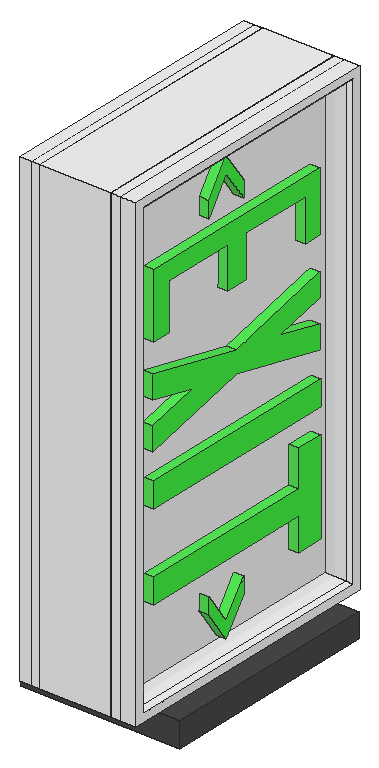
Revit family "LED_End", category Lighting Fixtures, host Face, Revit 2014
Parameters (values of type "LED-2-G")
  zz Length 1 [instance] = if(Single Face, 0.200", 0.250")  # 0.200"
  Watts = 3.72 W
  Wattage Comments = "3.72 W"
  Warranty = "Fixture: 5 Years Full; Battery: 2 Years Full, 8 Years Pro-Rata"  # constant formula
  Wall Plate Material = Hubbell - Black
  Voltage [instance] = if(Is 120VAC, 120 V, 277 V)  # 120 V
  URL = "https://www.hubbell.com/dual-lite/en"
  Type Comments = "Exit Light"  # constant formula
  Single Face = yes
  Product Page URL = "https://www.hubbell.com/dual-lite/en/Products/Lighting-Controls/Emergency-Exit-Lighting/Exit-Message-Signs/Freedom-LED-Series/p/222329"
  Product Documentation Link = "https://hubbellcdn.com/specsheet/dlt_led_specsht.pdf"
  Model = "LED"
  Manufacturer = "DUAL-LITE"  # constant formula
  Load Classification = Lighting
  Lens = Hubbell - Green Glass
  Lamp = "LED Lamp"  # constant formula
  Is 277VAC [instance] = not(Is 120VAC)  # no
  Is 120VAC [instance] = yes
  Holder Material = Hubbell - Steel
  Glass = Hubbell - light Glass
  Finish = Hubbell - White
  Features = "Vinyl-clad aluminum housing\r\nPolycarbonate face shield\r\nLong-life LED lamps\r\nRed or green letter models\r\nUniversal single/double face\r\nSix finishes offered: white, black, black/brushed, brass, antique brass, and white/brushed\r\nUniversal end/ceiling/wall mounting\r\n120/277 VAC operation, 60 Hz operation\r\nAC On Indicator Light"  # constant formula
  End = End : C1
  Double Face = yes
  Description = "Exit sign construction is vinyl clad aluminum in a choice of white, white with brushed face, black, black with brushed face, brass or antique brass finish."  # constant formula
  Default Elevation = 48.000"
  Certification = "UL 924 Listed\r\nNFPA 101 Life Safety Code\r\nCEC T20 Compliant"  # constant formula
  Application = "Conditioned Space, Damp Location"  # constant formula
  Apparent Load = Watts  # 3.72 VA
Types (4): name | Lens | Double Face
  LED-1-G | Hubbell - Green Glass | no
  LED-1-R | Hubbell - Red Glass | no
  LED-2-R | Hubbell - Red Glass | yes
  LED-2-G | Hubbell - Green Glass | yes
Reference planes (in)
  plane 1 "Center (Front/Back)": y = 0
  plane 2: z = 0
  plane 3 "Center (Left/Right)": x = 0
  plane 4: x = -6.25
  plane 5: x = 6.25
  plane 6: x = -2.75
  plane 7: x = 2.75
  plane 8: z = 9.3
  plane 9: y = -1.25
  plane 10: y = 1.25
  plane 11: y = -2.2
  plane 12: y = 2.2
  plane 13: y = -3
  plane 14: y = 3
Forms (in)
  Extrusion 1, solid, material "Hubbell - Black" <- "Wall Plate Material"
    sketch origin (-0.33698, -0.33698, 0) x (1, 0, 0) y (0, 0, 1)
      loop
        line (2.31699, 0.6525) -> (-1.93301, 0.6525) -> (-1.93301, -0.00375) -> (2.31699, -0.00375) -> (2.31699, 0.6525)
    from -3.33698 to 2.66302
Dimensions and locks (in)
  plane 4 to plane 3 "Center (Left/Right)" = 6.250"
  equal spacing: plane 4, plane 3 "Center (Left/Right)", plane 5
  equal spacing: plane 6, plane 3 "Center (Left/Right)", plane 7
  plane 6 to plane 3 "Center (Left/Right)" = 2.750"
  plane 7 to plane 6 = 5.500"
  plane 5 to plane 4 = 12.500"
  plane 8 to plane 2 = 9.300"
  aligned and locked: plane 2 to host face
  aligned and locked: level to host face
Automatic sketch dimensions
  host sketch curve to host sketch curve = 96.000"  (x2)
  Extrusion 1 sketch curve to level = 0.00375"
  Extrusion 1 sketch curve to plane 7 = 0.76999"
  level to Extrusion 1 sketch curve = 0.6525"
  plane 6 to Extrusion 1 sketch curve = 0.48001"
Nested families (in)
  nested 1: "End" at (-0.14499, 0, 0.625) x (0, -1, 0) z (0, 0, 1), type <- "End", type "C1"
Connectors (in)
  electrical at (-0.33698, -0.33698, 0), driven by "Voltage", driven by "Apparent Load"
    settings: on Extrusion 1, index 1, voltage 120 V, apparent load 3.72 VA, apparent load phase1 0 VA, apparent load phase2 0 VA, apparent load phase3 0 VA, power factor 1, load classification "Other", number of poles 1, system type 30, power factor state 1, is connector primary yes, connector utility no, sub classification motor no, connector description "Lighting Connector"
Definition of nested family "End"
  Parameters (values of type "C1")
    Single Face = yes
    Lens = Hubbell - Red Glass
    Glass = Hubbell - Glass
    Finish = Hubbell - White
    Double Face = yes
  Reference planes (in)
    plane 1 "Center (Front/Back)": y = 0
    plane 2: z = 0
    plane 3 "Center (Left/Right)": x = 0
    plane 4: x = -3.75
    plane 5: x = 3.75
    plane 6: z = 12.625
    plane 7: y = 0.866
    plane 8: y = -0.866
    plane 9: y = -1.555
    plane 10: y = 1.555
  Forms (in)
    Extrusion 1, solid, material "Hubbell - White" <- "Finish"
      sketch origin (4.7775, 0.02507, 5.9025) x (0, 0, 1) y (-1, 0, 0)
        loop
          line (-5.875, 8.5275) -> (-5.875, 1.0275) -> (6.7225, 1.0275) -> (6.7225, 8.5275) -> (-5.875, 8.5275)
      from -0.84093 to 1.05216
    Extrusion 2, solid, material "Hubbell - Red Glass" <- "Lens", visible <- "Single Face"
      sketch origin (-3.82708, 0.02507, 5.9025) x (0, 0, -1) y (1, 0, 0)
        loop
          line (4.57564, 2.74063) -> (5.3948, 3.3142) -> (4.57564, 3.88778) -> (4.13978, 3.88778) -> (4.95893, 3.3142) -> (4.13978, 2.74063) -> (4.57564, 2.74063)
        loop
          line (2.24666, 6.45678) -> (2.24666, 5.97564) -> (3.3841, 5.97564) -> (3.3841, 3.97225) -> (2.24666, 3.97225) -> (2.24666, 3.36683) -> (3.36524, 3.3823) -> (3.36524, 1.3823) -> (2.11524, 1.3823) -> (2.11524, 0.8823) -> (3.86524, 0.8823) -> (3.86524, 6.45678) -> (2.24666, 6.45678)
        loop
          line (0.77397, 3.67007) -> (1.41733, 6.45678) -> (0.81325, 6.45678) -> (0.47193, 4.97835) -> (0.13061, 6.45678) -> (-0.47347, 6.45678) -> (0.16989, 3.67007) -> (-0.47347, 0.88335) -> (0.13061, 0.88335) -> (0.47193, 2.36179) -> (0.81325, 0.88335) -> (1.41733, 0.88335) -> (0.77397, 3.67007)
        loop
          line (-1.90069, 6.47228) -> (-1.90069, 0.88335) -> (-1.23107, 0.88335) -> (-1.23107, 6.47228) -> (-1.90069, 6.47228)
        loop
          line (-2.56807, 0.88335) -> (-2.56807, 1.61488) -> (-3.44038, 1.61488) -> (-3.44038, 6.47228) -> (-4.11, 6.47228) -> (-4.11, 1.61488) -> (-5.07984, 1.61488) -> (-5.07984, 0.88335) -> (-2.56807, 0.88335)
        loop
          line (-5.47528, 2.74063) -> (-5.03942, 2.74063) -> (-5.85857, 3.3142) -> (-5.03942, 3.88778) -> (-5.47528, 3.88778) -> (-6.29443, 3.3142) -> (-5.47528, 2.74063)
      from 1.05216 to 1.27507
    Extrusion 3, solid, material "Hubbell - Glass" <- "Glass", visible <- "Single Face"
      sketch origin (4.7775, 0.02507, 5.9025) x (0, 0, 1) y (-1, 0, 0)
        loop
          line (-5.875, 8.5275) -> (-5.875, 1.0275) -> (6.7225, 1.0275) -> (6.7225, 8.5275) -> (-5.875, 8.5275)
      from 1.05 to 1.27507
    Extrusion 4, solid, material "Hubbell - Red Glass" <- "Lens", visible <- "Double Face"
      sketch origin (3.5275, 0.02507, 5.9025) x (0, 0, 1) y (1, 0, 0)
        loop
          line (-4.63814, -3.88778) -> (-4.20228, -3.88778) -> (-5.02143, -3.3142) -> (-4.20228, -2.74063) -> (-4.63814, -2.74063) -> (-5.4573, -3.3142) -> (-4.63814, -3.88778)
        loop
          line (2.87166, -6.45678) -> (4.49024, -6.45678) -> (4.49024, -0.8823) -> (2.74024, -0.8823) -> (2.74024, -1.3823) -> (3.99024, -1.3823) -> (3.99024, -3.3823) -> (2.87166, -3.36683) -> (2.87166, -3.97225) -> (4.0091, -3.97225) -> (4.0091, -5.97564) -> (2.87166, -5.97564) -> (2.87166, -6.45678)
        loop
          line (1.98957, -6.45573) -> (1.34358, -3.65762) -> (1.98957, -0.85951) -> (1.359, -0.85951) -> (1.05043, -2.19606) -> (0.74186, -0.85951) -> (0.11129, -0.85951) -> (0.75728, -3.65762) -> (0.11129, -6.45573) -> (0.74186, -6.45573) -> (1.05043, -5.11917) -> (1.359, -6.45573) -> (1.98957, -6.45573)
        loop
          line (-1.27569, -6.47228) -> (-0.60607, -6.47228) -> (-0.60607, -0.88335) -> (-1.27569, -0.88335) -> (-1.27569, -6.47228)
        loop
          line (-4.45484, -6.47228) -> (-1.94307, -6.47228) -> (-1.94307, -5.74075) -> (-2.91291, -5.74075) -> (-2.91291, -0.88335) -> (-3.58253, -0.88335) -> (-3.58253, -5.74075) -> (-4.45484, -5.74075) -> (-4.45484, -6.47228)
        loop
          line (5.33366, -3.88778) -> (6.15281, -3.3142) -> (5.33366, -2.74063) -> (4.8978, -2.74063) -> (5.71695, -3.3142) -> (4.8978, -3.88778) -> (5.33366, -3.88778)
      from 0.84093 to 1.12465
    Extrusion 5, solid, material "Hubbell - Glass" <- "Glass", visible <- "Double Face"
      sketch origin (4.7775, 0.02507, 5.9025) x (0, 0, 1) y (1, 0, 0)
        loop
          line (6.7225, -1.0275) -> (-5.875, -1.0275) -> (-5.875, -8.5275) -> (6.7225, -8.5275) -> (6.7225, -1.0275)
      from 0.84093 to 1.12465
    Sweep 6, solid, material "Hubbell - White" <- "Finish"
      path origin (0, 0, 0) x (1, 0, 0) y (0, 0, 1)
        loop
          line (-3.75, 12.625) -> (-3.75, 0.0275) -> (3.75, 0.0275) -> (3.75, 12.625) -> (-3.75, 12.625)
      profile origin (0, 0, 12.625) x (0, 0, 1) y (0, -1, 0)
        loop
          line (0, -1.555) -> (0, 1.555) -> (-0.21594, 1.555) -> (-0.31329, 1.45765) -> (-0.31329, -1.45765) -> (-0.21594, -1.555) -> (0, -1.555)
  Dimensions and locks (in)
    Extrusion 5 to Extrusion 3 = 2.39972"
    plane 6 to level = 12.625"
    plane 5 to plane 3 "Center (Left/Right)" = 3.750"
    plane 3 "Center (Left/Right)" to plane 4 = 3.750"
    plane 3 "Center (Left/Right)" to Extrusion 5 = 3.750"
    level to Extrusion 3 = 12.625"
    aligned and locked: plane 2 to level
    aligned and locked: plane 6 to Extrusion 3
    aligned and locked: Extrusion 1 to Extrusion 3
    aligned and locked: Extrusion 5 to Extrusion 1
    aligned and locked: plane 5 to Extrusion 3
